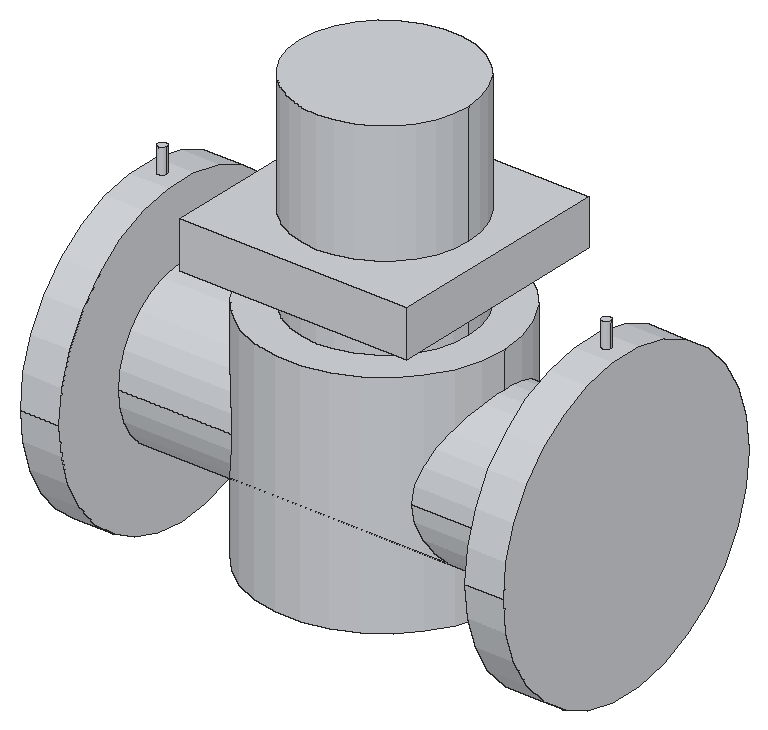
Revit family "PV_Compact_PN25_DN200_(90-350kPa)_RFA_2018", category Pipe Accessories, Revit 2018
Family settings
  Round Connector Dimension = Use Diameter
  Part Type = Valve - Breaks Into
  Work Plane-Based = No
  Always vertical = Yes
  Cut with Voids When Loaded = No
  Shared = No
Parameters (values of type "PV Compact PN25 DN200 (90-350kPa)")
  magiProductId = "91c75d4260f940c99372a7e9d4703c"
  magiProductFamilyId = "9e0837c0ac1a48c1a74a343bd519c1"
  magiPartTypeId = 304
  isMeasuringValve [instance] = no
  ang2D [instance] = 0.00°
  W2D = 125 mm
  VersionID = "2.0/2018.12.13.2/FRESE_PV_COMPACT_BIG_Q13_001"
  Use Minimum Symbol Size [instance] = no
  URL = "www.hydronix.cz"
  Type Comments = "PŘÍRUBOVÝ; PN25; dpmax=1000kPa; -10~+110°C"
  R4 = 105 mm
  R3 = 98.8 mm
  R1 = 150 mm
  QmdConnectorList = "301;D;302;D"
  Productdata [instance] = ""
  Manufacturer = "Hydronix"
  Maintenance Zone Under Depth [instance] = 100 mm
  Maintenance Zone Right Depth [instance] = 100 mm
  Maintenance Zone Over Depth [instance] = 100 mm
  Maintenance Zone Left Depth [instance] = 100 mm
  Maintenance Zone Front Depth [instance] = 100 mm
  Maintenance Zone Back Depth [instance] = 100 mm
  Maintenance Zone Front Visibility [instance] = no
  MC Use Limits From Balancing Method = no
  MC Throttling Minimum Value = 0
  MC Throttling Maximum Value = 0
  MC Product Code = "53-3339 DN200 PN25; nastavitelný rozsah dp=20~100kPa; Q=65,2~261 m3/h;  kvs=275"
  MC Pressure Drop Minimum Value = 0.0 Pa
  MC Pressure Drop Maximum Value = 0.0 Pa
  MC Piping Given Pressure Drop [instance] = 0.0 Pa
  LF__ve = -LF  # -48 mm
  LF2 = 24 mm
  LF = 48 mm
  L4 = 282 mm
  L3 = 504 mm
  L2D_Min = 30.48 mm
  L2D = 400 mm
  L2 = 300 mm
  H6 = 150 mm
  H4 = 57 mm
  H3 = 47.5 mm
  H2 = 142.5 mm
  H1 = 285 mm
  Description = "Nastavitelný regulátor diferenčního tlaku"
  DF2 = 190 mm
  D = 200 mm
  Clearance Zone Height Depth [instance] = 100 mm
  Clearance Zone Circular Radius [instance] = 300 mm
  Clearance Zone Visibility [instance] = no
  CAT0 = yes
Types (3, lengths in mm): name | magiProductId | Type Comments | R4 | R3 | R1 | MC Product Code | LF__ve | LF2 | LF | L4 | L3 | L2 | H6 | H4 | H3 | H2 | H1 | DF2 | D | Clearance Zone Circular Radius
  PV Compact PN25 DN125 (90-350kPa) | "828af78972b74e11b5ab1c4abc9b81" | "PŘÍRUBOVÝ; PN25; dpmax=1000kPa; -10~+120°C" | 70 | 70.2 | 100 | "53-3333 DN125 PN25; nastavitelný rozsah dp=20~100kPa; Q=40,3~161 m3/h;  kvs=170" | -32 | 16 | 32 | 188 | 336 | 200 | 225.5 | 40.5 | 33.75 | 101.25 | 202.5 | 135 | 125 | 200
  PV Compact PN25 DN150 (90-350kPa) | "3c848b5675884766961bbc36692fc4" | "PŘÍRUBOVÝ; PN25; dpmax=1000kPa; -10~+110°C" | 84 | 74.1 | 120 | "53-3336 DN150 PN25; nastavitelný rozsah dp=20~100kPa; Q=59,3~123 m3/h;  kvs=250" | -38.4 | 19.2 | 38.4 | 225.6 | 403.2 | 240 | 256.25 | 42.75 | 35.625 | 106.875 | 213.75 | 142.5 | 150 | 240
  PV Compact PN25 DN200 (90-350kPa) | "91c75d4260f940c99372a7e9d4703c" | "PŘÍRUBOVÝ; PN25; dpmax=1000kPa; -10~+110°C" | 105 | 98.8 | 150 | "53-3339 DN200 PN25; nastavitelný rozsah dp=20~100kPa; Q=65,2~261 m3/h;  kvs=275" | -48 | 24 | 48 | 282 | 504 | 300 | 150 | 57 | 47.5 | 142.5 | 285 | 190 | 200 | 300
Reference planes
  plane 1 "Center (Front/Back)": y = 0
  plane 2 "XYPLANE": z = 0
  plane 3 "Center (Left/Right)": x = 0
  plane 4 "257": y = -190
  plane 5 "256": y = 190
  plane 6 "255": z = -190
  plane 7 "254": y = -290
  plane 8 "253": y = 290
  plane 9 "252": x = -400
  plane 10 "251": x = 400
  plane 11 "250": z = 497
  plane 12 "249": z = -290
  plane 13 "248": z = 497
  plane 14 "247": z = 397
  plane 15 "157": x = 276
  plane 16 "156": x = -276
  plane 17 "155": z = 190
  plane 18 "154": z = 247
  plane 19 "153": z = 190
  plane 20 "152": z = 142.5
  plane 21 "151": x = -252
  plane 22 "150": z = -142.5
  plane 23 "149": x = 0
  plane 24 "148": y = 0
  plane 25 "147": z = 0
  plane 26 "146": x = -300
  plane 27 "145": x = 300
Forms (mm)
  Blend 1, solid, visible <- "Maintenance Zone Front Visibility"
    base sketch origin (-750, 0, -290) x (1, 0, 0) y (0, 1, 0)
      loop
        line (350, 290) -> (350, -290) -> (1150, -290) -> (1150, 290) -> (350, 290)
    top sketch origin (-750, 0, -290) x (1, 0, 0) y (0, 1, 0)
      loop
        line (350, 290) -> (350, -290) -> (1150, -290) -> (1150, 290) -> (350, 290)
    from 0 to 787
  Blend 2, solid, visible <- "Clearance Zone Visibility"
    base sketch origin (-750, 0, 0) x (1, 0, 0) y (0, 1, 0)
      loop
        circle (750, 0) r 300
    top sketch origin (-750, 0, 0) x (1, 0, 0) y (0, 1, 0)
      loop
        circle (750, 0) r 300
    from 0 to 497
  Extrusion 3, solid, visible <- "CAT0"
    sketch origin (-750, 0, 190) x (1, 0, 0) y (0, 1, 0)
      loop
        circle (1026, 0) r 5.5
    from 0 to 30
  Extrusion 4, solid, visible <- "CAT0"
    sketch origin (-750, 0, 190) x (1, 0, 0) y (0, 1, 0)
      loop
        circle (474, 0) r 5.5
    from 0 to 30
  Extrusion 5, solid
    sketch origin (-750, 0, 247) x (1, 0, 0) y (0, 1, 0)
      loop
        circle (750, 0) r 105
    from 0 to 150 <- "H6"
  Extrusion 6, solid, visible <- "CAT0"
    sketch origin (-750, 0, 190) x (1, 0, 0) y (0, 1, 0)
      loop
        line (891, 141) -> (609, 141) -> (609, -141) -> (891, -141) -> (891, 141)
    from 0 to 57 <- "H4"
  Extrusion 7, solid, visible <- "CAT0"
    sketch origin (-750, 0, 142.5) x (1, 0, 0) y (0, 1, 0)
      loop
        circle (750, 0) r 105
    from 0 to 47.5 <- "H3"
  Extrusion 8, solid, visible <- "CAT0"
    sketch origin (-252, -750, 0) x (0, 1, 0) y (0, 0, 1)
      loop
        circle (750, 0) r 98.8
    from 0 to 504 <- "L3"
  Extrusion 9, solid, visible <- "CAT0"
    sketch origin (-750, 0, -142.5) x (1, 0, 0) y (0, 1, 0)
      loop
        circle (750, 0) r 150
    from 0 to 285 <- "H1"
  Extrusion 10, solid, visible <- "CAT0"
    sketch origin (-300, -750, 0) x (0, 1, 0) y (0, 0, 1)
      loop
        circle (750, 0) r 190
    from 0 to 48 <- "LF"
  Extrusion 11, solid, visible <- "CAT0"
    sketch origin (300, -750, 0) x (0, 1, 0) y (0, 0, 1)
      loop
        circle (750, 0) r 190
    from 0 to -48 <- "LF__ve"
  Extrusion 12, solid, not visible
    sketch origin (-300, -750, 0) x (0, 1, 0) y (0, 0, 1)
      loop
        circle (750, 0) r 10
    from 0 to 10
  Extrusion 13, solid, not visible
    sketch origin (300, -750, 0) x (0, 1, 0) y (0, 0, 1)
      loop
        circle (750, 0) r 10
    from 0 to -10
Lines and regions (mm)
  reference lines, not visible
    curve 1: circle (2, 2, 0) r 1 normal (0, 0, 1)
  reference lines
    curve 2: circle (0, 0, 190) r 1 normal (0, 0, 1)
Dimensions and locks
  plane 1 "Center (Front/Back)" to curve 1 = 2 mm
  "DF2": plane 24 "148" to plane 4 "257"
  "DF2": plane 24 "148" to plane 5 "256"
  "DF2": plane 25 "147" to plane 6 "255"
  "Maintenance Zone Front Depth": plane 4 "257" to plane 7 "254"
  "Maintenance Zone Back Depth": plane 5 "256" to plane 8 "253"
  "Maintenance Zone Left Depth": plane 26 "146" to plane 9 "252"
  "Maintenance Zone Right Depth": plane 27 "145" to plane 10 "251"
  "Maintenance Zone Over Depth": plane 14 "247" to plane 11 "250"
  "Maintenance Zone Under Depth": plane 6 "255" to plane 12 "249"
  "Clearance Zone Height Depth": plane 14 "247" to plane 13 "248"
  "H6": plane 18 "154" to plane 14 "247"
  "LF2": plane 27 "145" to plane 15 "157"
  "LF2": plane 26 "146" to plane 16 "156"
  "DF2": plane 2 "XYPLANE" to plane 17 "155"
  "H4": plane 19 "153" to plane 18 "154"
  "H3": plane 20 "152" to plane 19 "153"
  "H1": plane 22 "150" to plane 20 "152"
  "LF": plane 26 "146" to plane 21 "151"
  "H2": plane 2 "XYPLANE" to plane 22 "150"
  locked: plane 3 "Center (Left/Right)" to plane 23 "149"
  locked: plane 1 "Center (Front/Back)" to plane 24 "148"
  locked: plane 2 "XYPLANE" to plane 25 "147"
  "L2": plane 3 "Center (Left/Right)" to plane 26 "146"
  "L2": plane 3 "Center (Left/Right)" to plane 27 "145"
  Blend 1 sketch curve to Blend 1 sketch curve = 0 mm  (x16)
  equal spacing: Extrusion 6 sketch curve, curve 2, Extrusion 6 sketch curve  (x2)
  "L4": Extrusion 6 sketch curve to Extrusion 6 sketch curve  (x2)
  Extrusion 6 sketch curve to Extrusion 6 sketch curve = 0 mm  (x8)
  "Clearance Zone Circular Radius": radius of Blend 2 sketch curve  (x2)
  "R4": radius of Extrusion 5 sketch curve
  "R4": radius of Extrusion 7 sketch curve
  "R3": radius of Extrusion 8 sketch curve
  "R1": radius of Extrusion 9 sketch curve
  "DF2": radius of Extrusion 10 sketch curve
  "DF2": radius of Extrusion 11 sketch curve
  aligned and locked: level to plane 2 "XYPLANE"
  aligned and locked: Blend 1 sketch curve to plane 8 "253"  (x2)
  aligned and locked: plane 9 "252" to Blend 1 sketch curve  (x4)
  aligned and locked: plane 10 "251" to Blend 1 sketch curve  (x4)
  aligned and locked: plane 8 "253" to Blend 1 sketch curve  (x2)
  aligned and locked: plane 7 "254" to Blend 1 sketch curve  (x4)
  aligned and locked: plane 11 "250" to Blend 1
  aligned and locked: plane 23 "149" to Blend 2 sketch curve  (x2)
  aligned and locked: plane 24 "148" to Blend 2 sketch curve  (x2)
  aligned and locked: plane 13 "248" to Blend 2
  aligned and locked: plane 15 "157" to Extrusion 3 sketch curve
  aligned and locked: plane 24 "148" to Extrusion 3 sketch curve
  aligned and locked: plane 16 "156" to Extrusion 4 sketch curve
  aligned and locked: plane 24 "148" to Extrusion 4 sketch curve
  aligned and locked: plane 23 "149" to Extrusion 5 sketch curve
  aligned and locked: plane 24 "148" to Extrusion 5 sketch curve
  aligned and locked: plane 23 "149" to curve 2
  aligned and locked: plane 24 "148" to curve 2
  aligned and locked: plane 23 "149" to Extrusion 7 sketch curve
  aligned and locked: plane 24 "148" to Extrusion 7 sketch curve
  aligned and locked: Extrusion 8 sketch curve to plane 24 "148"
  aligned and locked: plane 25 "147" to Extrusion 8 sketch curve
  aligned and locked: plane 23 "149" to Extrusion 9 sketch curve
  aligned and locked: plane 24 "148" to Extrusion 9 sketch curve
  aligned and locked: Extrusion 10 sketch curve to plane 24 "148"
  aligned and locked: plane 25 "147" to Extrusion 10 sketch curve
  aligned and locked: Extrusion 11 sketch curve to plane 24 "148"
  aligned and locked: plane 25 "147" to Extrusion 11 sketch curve
  aligned and locked: Extrusion 12 sketch curve to plane 24 "148"
  aligned and locked: plane 25 "147" to Extrusion 12 sketch curve
  aligned and locked: Extrusion 13 sketch curve to plane 24 "148"
  aligned and locked: plane 25 "147" to Extrusion 13 sketch curve
Automatic sketch dimensions
  Extrusion 3 sketch curve to Extrusion 3 sketch curve = 5.5 mm
  Extrusion 4 sketch curve to Extrusion 4 sketch curve = 5.5 mm
  plane 1 "Center (Front/Back)" to Extrusion 12 sketch curve = 10 mm
  plane 1 "Center (Front/Back)" to Extrusion 13 sketch curve = 10 mm
  plane 3 "Center (Left/Right)" to curve 1 = 2 mm
  plane 21 "151" to Extrusion 6 sketch curve = 111 mm
  plane 4 "257" to Extrusion 6 sketch curve = 49 mm
  radius of curve 2 = 1 mm
  radius of curve 1 = 1 mm
Connectors
  piping at (-300, 0, 0), diameter 200, driven by "D"
    settings: on Extrusion 12, index 1, connector inside diameter 609.6 mm, connector length 0 mm, flow factor 0, pipe flow 0.0 L/s, pressure drop 0.0 Pa, fitting loss kfactor 0, connector angle 0.00°, fixture units 0, engagement length 0 mm, angle of deflection 0.00°, flow configuration 0, flow direction 0, fitting loss method 0, system type 29, joint type 0, gender type 0, connector reference index 2, connector utility 0, adjustable connector no, is connector primary yes, connector description ""
  piping at (300, 0, 0), diameter 200, driven by "D"
    settings: on Extrusion 13, index 2, connector inside diameter 609.6 mm, connector length 0 mm, flow factor 0, pipe flow 0.0 L/s, pressure drop 0.0 Pa, fitting loss kfactor 0, connector angle 0.00°, fixture units 0, engagement length 0 mm, angle of deflection 0.00°, flow configuration 0, flow direction 0, fitting loss method 0, system type 29, joint type 0, gender type 0, connector reference index 1, connector utility 0, adjustable connector no, is connector primary no, connector description ""
